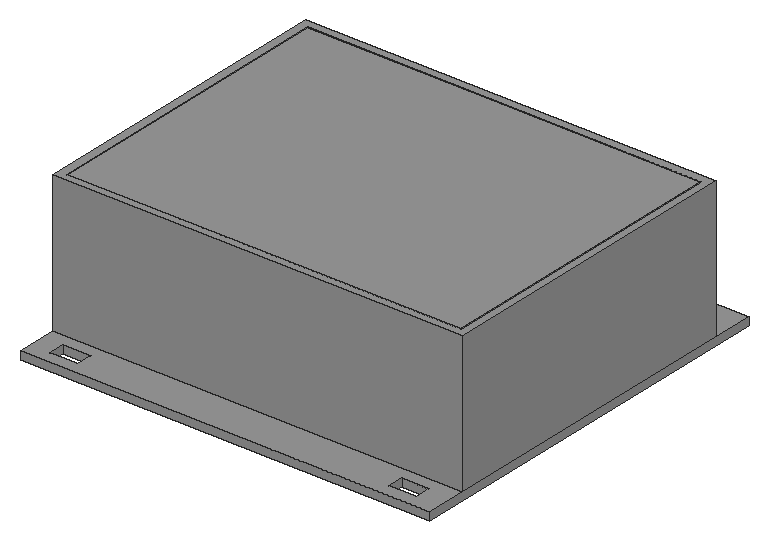
Revit family "Kombischutzgerät 2in1- PND-2in1-C-OS", category Generic Models, Revit 2017
Family settings
  Can host rebar = No
  Round Connector Dimension = Use Diameter
  Part Type = Normal
  Work Plane-Based = No
  Always vertical = Yes
  Cut with Voids When Loaded = No
  Shared = No
  Room Calculation Point = No
Parameters (values of type "PND-2in1-C-OS")
  URL = "http://www.obo-bettermann.com"
  Material = Aluminium
  Manufacturer Art.No. = "5081070"
  Manufacturer = "OBO BETTERMANN"
  GTIN = "4012196676965"
  Article Type = "PND-2in1-C-OS"
Reference planes
  plane 1 "Center (Front/Back)": y = 0
  plane 2: z = 0
  plane 3 "Center (Left/Right)": x = 0
  plane 4: z = 2
  plane 5: y = 89.7
  plane 6: y = 50
  plane 7: y = 10.22
  plane 8: z = 37.1
  plane 9: z = 35.1
  plane 10: y = 95
  plane 11: x = 8.5
  plane 12: x = 51.1
  plane 13: y = 95
  plane 14: x = 93.7
  plane 15: y = 50
  plane 16: y = 5
  plane 17: x = 8.5
  plane 18: y = 5
  plane 19: x = 93.7
Forms (mm)
  Extrusion 1, solid, material "Aluminium" <- "Material"
    sketch origin (0, 0, 0) x (1, 0, 0) y (0, 1, 0)
      loop
        line (0, 0) -> (103.035, 0) -> (103.035, 100) -> (0, 100) -> (0, 0)
    from 0 to 2
  Extrusion 2, solid, material "Aluminium" <- "Material"
    sketch origin (0, 0, 0) x (1, 0, 0) y (0, 1, 0)
      loop
        line (0, 89.7) -> (0, 10.22) -> (103.035, 10.22) -> (103.035, 89.7) -> (0, 89.7)
      loop
        line (2, 87.7) -> (2, 12.22) -> (101.035, 12.22) -> (101.035, 87.7) -> (2, 87.7)
    from 2 to 37.1
  Extrusion 3, solid, material "Aluminium" <- "Material"
    sketch origin (0, 0, 0) x (1, 0, 0) y (0, 1, 0)
      loop
        line (2, 87.7) -> (2, 12.22) -> (101.035, 12.22) -> (101.035, 87.7) -> (2, 87.7)
    from 35.1 to 37.1
  Extrusion 4, void
    sketch origin (0, 0, 0) x (1, 0, 0) y (0, 1, 0)
      loop
        line (5, 97) -> (5, 93) -> (12, 93) -> (12, 97) -> (5, 97)
    from 0 to 2
  Extrusion 5, void
    sketch origin (102.2, 0, 0) x (-1, 0, 0) y (0, -1, 0)
      loop
        line (5, -97) -> (12, -97) -> (12, -93) -> (5, -93) -> (5, -97)
    from 0 to 2
  Extrusion 6, void
    sketch origin (0, 100, 0) x (1, 0, 0) y (0, 1, 0)
      loop
        line (5, -97) -> (12, -97) -> (12, -93) -> (5, -93) -> (5, -97)
    from 0 to 2
  Extrusion 7, void
    sketch origin (102.2, 100, 0) x (-1, 0, 0) y (0, -1, 0)
      loop
        line (5, 97) -> (5, 93) -> (12, 93) -> (12, 97) -> (5, 97)
    from 0 to 2
Cuts and joins
  Extrusion 4, Extrusion 5, Extrusion 6, Extrusion 7 cuts Extrusion 1
Dimensions and locks
  locked: Extrusion 1 sketch curve to Extrusion 1 sketch curve at 100
  locked: Extrusion 1 sketch curve to Extrusion 1 sketch curve at 103.035
  locked: Extrusion 1 to plane 6 at 50
  locked: plane 5 to plane 6 at 39.7
  locked: plane 6 to plane 7 at 39.78
  locked: Extrusion 1 to Extrusion 1 at 103.035
  locked: Extrusion 2 sketch curve to Extrusion 2 sketch curve at 79.48
  locked: Extrusion 1 to Extrusion 2 sketch curve at 2
  locked: Extrusion 2 sketch curve to Extrusion 1 at 2
  locked: Extrusion 2 sketch curve to Extrusion 2 sketch curve at 2  (x2)
  plane 8 to level = 37.1 mm
  locked: Extrusion 2 to Extrusion 2 at 75.48
  locked: Extrusion 2 to Extrusion 2 at 99.035
  locked: Extrusion 2 to Extrusion 3 at 2
  locked: Extrusion 1 to plane 10 at 5
  locked: Extrusion 1 to plane 11 at 8.5
  locked: Extrusion 4 sketch curve to Extrusion 4 sketch curve at 4
  locked: plane 10 to Extrusion 4 sketch curve at 2
  locked: Extrusion 4 sketch curve to Extrusion 4 sketch curve at 7
  locked: Extrusion 4 sketch curve to plane 11 at 3.5
  Extrusion 2 to plane 12 = 51.1 mm
  locked: Extrusion 5 sketch curve to Extrusion 5 sketch curve at 4
  locked: plane 13 to Extrusion 5 sketch curve at 2
  locked: Extrusion 5 sketch curve to Extrusion 5 sketch curve at 7
  locked: Extrusion 5 sketch curve to plane 14 at 3.5
  locked: cut or joined group of Extrusion 1, Extrusion 4, Extrusion 5, Extrusion 6, Extrusion 7 to plane 15 at 50
  locked: Extrusion 6 sketch curve to Extrusion 6 sketch curve at 4
  locked: plane 16 to Extrusion 6 sketch curve at 2
  locked: Extrusion 6 sketch curve to Extrusion 6 sketch curve at 7
  locked: Extrusion 6 sketch curve to plane 17 at 3.5
  locked: Extrusion 7 sketch curve to Extrusion 7 sketch curve at 4
  locked: plane 18 to Extrusion 7 sketch curve at 2
  locked: Extrusion 7 sketch curve to Extrusion 7 sketch curve at 7
  locked: Extrusion 7 sketch curve to plane 19 at 3.5
  aligned and locked: level to plane 2
  aligned and locked: Extrusion 1 to plane 4
  aligned and locked: Extrusion 1 to level
  aligned and locked: Extrusion 2 to Extrusion 1
  aligned and locked: plane 8 to Extrusion 2
  aligned and locked: Extrusion 3 sketch curve to Extrusion 2  (x4)
  aligned and locked: Extrusion 2 to Extrusion 3
  aligned and locked: Extrusion 3 to plane 9
  aligned and locked: Extrusion 4 to level
  aligned and locked: Extrusion 1 to Extrusion 4
